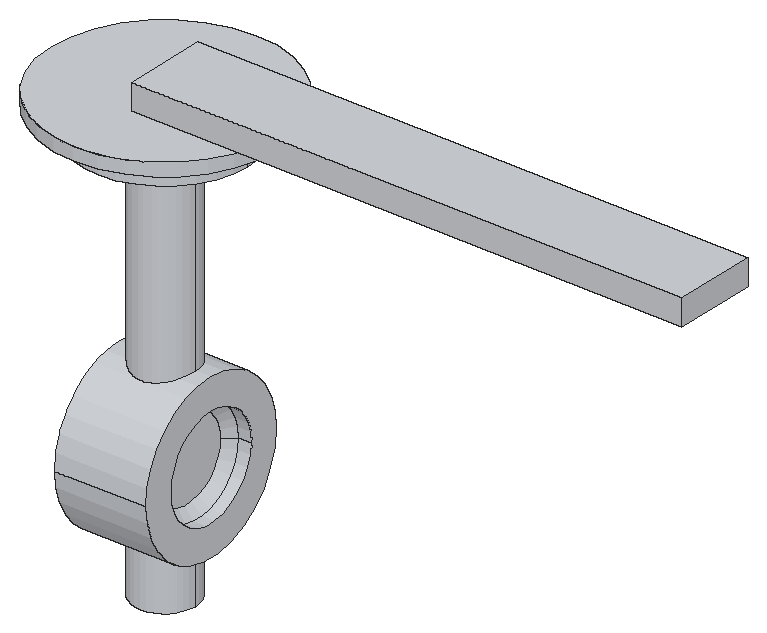
Revit family "M_Válvula borboleta - 50-300 mm", category Acessórios do tubo, Revit 2019
Family settings
  Cota do conector redondo = Usar raio
  Tipo de parte = Válvula - Quebra entre
  Número OmniClass = 23.65.55.14.17
  Título OmniClass = Adjusting/Controlling Valves for Liquid Services
  ID de item do Seek = Butterfly Valve - 50-300 mm-0000-CAN-ENU
  Com base no plano de trabalho = Não
  Sempre na vertical = Sim
  Corte com vazios quando carregada = Não
  Compartilhado = Não
Parameters (values of type "50 mm")
  Largura 3 = Largura 1 / 2  # 22.575 mm
  Largura 2 = 0.38 * Diâmetro da chapeleta  # 11.438 mm
  Largura 1 = 1.5 * Diâmetro da chapeleta  # 45.15 mm
  Material da válvula = none
  Raio do tronco = 0.73 * Raio da manivela  # 40.88 mm
  Diâmetro do tronco = Raio do tronco * 2  # 81.76 mm
  Raio 1 = Raio nominal - 5.06 mm  # 19.94 mm
  Raio da tubulação = 1.6 * Raio nominal  # 40 mm
  Diâmetro da tubulação = Raio da tubulação * 2  # 80 mm
  Altura total = 235 mm
  Raio nominal = 25 mm
  Diâmetro nominal = Raio nominal * 2  # 50 mm
  Largura da alavanca 1 = Largura da alavanca / 2  # 20.325 mm
  Largura da alavanca = 0.15 * Comprimento da alavanca  # 40.65 mm
  Material da alavanca = none
  Comprimento da alavanca = 271 mm
  Comprimento = tan(30.00°) * Largura 1 / 2  # 13.034 mm
  K Coefficient = 3.48
  Raio do furo = 2 mm
  Distância do furo = 111 mm
  Diâmetro do furo = Raio do furo * 2  # 4 mm
  Raio da manivela = 56 mm
  Diâmetro da manivela = Raio da manivela * 2  # 112 mm
  Espessura do equipamento de fixação = 0.1 * Diâmetro nominal  # 5 mm
  Comprimento do equipamento de fixação = 0.25 * Diâmetro nominal  # 12.5 mm
  Altura do equipamento de fixação = 0.66 * Diâmetro nominal  # 33 mm
  Altura do conector = 64 mm
  Raio da chapeleta = 0.35 * Comprimento do corpo  # 15.05 mm
  Diâmetro da chapeleta = Raio da chapeleta * 2  # 30.1 mm
  Comprimento do corpo = 43 mm
Types (10, lengths in mm): name | Largura 3 | Largura 2 | Largura 1 | Raio do tronco | Diâmetro do tronco | Raio 1 | Raio da tubulação | Diâmetro da tubulação | Altura total | Raio nominal | Diâmetro nominal | Largura da alavanca 1 | Largura da alavanca | Comprimento da alavanca | Comprimento | K Coefficient | Raio do furo | Distância do furo | Diâmetro do furo | Raio da manivela | Diâmetro da manivela | Espessura do equipamento de fixação | Comprimento do equipamento de fixação | Altura do equipamento de fixação | Altura do conector | Raio da chapeleta | Diâmetro da chapeleta | Comprimento do corpo
  (no name) | 22.575 | 11.438 | 45.15 | 40.88 | 81.76 | 19.94 | 40 | 80 | 235 | 25 | 50 | 20.325 | 40.65 | 271 | 13.034 | 3.48 | 2 | 111 | 4 | 56 | 112 | 5 | 12.5 | 33 | 64 | 15.05 | 30.1 | 43
  50 mm | 22.575 | 11.438 | 45.15 | 40.88 | 81.76 | 19.94 | 40 | 80 | 235 | 25 | 50 | 20.325 | 40.65 | 271 | 13.034 | 3.48 | 2 | 111 | 4 | 56 | 112 | 5 | 12.5 | 33 | 64 | 15.05 | 30.1 | 43
  65 mm | 24.15 | 12.236 | 48.3 | 40.88 | 81.76 | 27.44 | 52 | 104 | 254 | 32.5 | 65 | 20.325 | 40.65 | 271 | 13.943 | 3.62 | 2 | 130 | 4 | 56 | 112 | 6.5 | 16.25 | 42.9 | 70 | 16.1 | 32.2 | 46
  90 mm | 22.575 | 11.438 | 45.15 | 40.88 | 81.76 | 39.94 | 72 | 144 | 279 | 45 | 90 | 20.4 | 40.8 | 272 | 13.034 | 4.62 | 2 | 152 | 4 | 56 | 112 | 9 | 22.5 | 59.4 | 83 | 15.05 | 30.1 | 43
  100 mm | 27.3 | 13.832 | 54.6 | 40.88 | 81.76 | 44.94 | 80 | 160 | 321 | 50 | 100 | 20.4 | 40.8 | 272 | 15.762 | 4.31 | 2 | 168 | 4 | 56 | 112 | 10 | 25 | 66 | 105 | 18.2 | 36.4 | 52
  125 mm | 29.925 | 15.162 | 59.85 | 40.88 | 81.76 | 57.44 | 100 | 200 | 340 | 62.5 | 125 | 23.325 | 46.65 | 311 | 17.277 | 3.62 | 5 | 203 | 10 | 56 | 112 | 12.5 | 31.25 | 82.5 | 111 | 19.95 | 39.9 | 57
  150 mm | 29.925 | 15.162 | 59.85 | 40.88 | 81.76 | 69.94 | 120 | 240 | 378 | 75 | 150 | 23.325 | 46.65 | 311 | 17.277 | 3.15 | 5 | 229 | 10 | 56 | 112 | 15 | 37.5 | 99 | 137 | 19.95 | 39.9 | 57
  200 mm | 29.925 | 15.162 | 59.85 | 55.48 | 110.96 | 94.94 | 160 | 320 | 435 | 100 | 200 | 26.55 | 53.1 | 354 | 17.277 | 2.52 | 5 | 283 | 10 | 76 | 152 | 20 | 50 | 132 | 167 | 19.95 | 39.9 | 57
  250 mm | 35.175 | 17.822 | 70.35 | 55.48 | 110.96 | 119.94 | 200 | 400 | 506 | 125 | 250 | 26.55 | 53.1 | 354 | 20.308 | 2.12 | 6 | 337 | 12 | 76 | 152 | 25 | 62.5 | 165 | 210 | 23.45 | 46.9 | 67
  300 mm | 40.95 | 20.748 | 81.9 | 55.48 | 110.96 | 144.94 | 240 | 480 | 575 | 150 | 300 | 29.025 | 58.05 | 387 | 23.642 | 1.85 | 6 | 397 | 12 | 76 | 152 | 30 | 75 | 198 | 235 | 27.3 | 54.6 | 78
Reference planes
  plane 1 "Centro (Frente/Trás)": y = 0
  plane 2: z = 0
  plane 3 "Centro (Esquerda/Direita)": x = 0
  plane 4: x = -22.575
  plane 5: x = 22.575
  plane 6: x = -11.137
  plane 7: x = 11.137
  plane 8: x = -15.899
  plane 9: x = 15.9
  plane 10: z = -64
  plane 11: z = 171
  plane 12: z = 158.3
  plane 13: z = 151.95
  plane 14: z = 139.25
  plane 15: y = 20.325
  plane 16: y = -20.325
  plane 17: x = 271
  plane 18: y = 13.034
  plane 19: y = -13.034
Forms (mm)
  Extrusion 1, solid, material <- "Material da válvula", detail levels fine
    sketch origin (0, 0, 0) x (0, 1, 0) y (0, 0, 1)
      loop
        circle (0, 0) r 40
    from -22.575 to 22.575
  Extrusion 2, solid, material <- "Material da válvula", detail levels fine
    sketch origin (0, 0, 0) x (1, 0, 0) y (0, 1, 0)
      loop
        circle (0, 0) r 15.05
    from -64 to 139.25
  Extrusion 3, solid, material <- "Material da válvula", detail levels fine
    sketch origin (0, 0, 0) x (1, 0, 0) y (0, 1, 0)
      loop
        circle (0, 0) r 40.88
    from 151.95 to 139.25
  Extrusion 4, solid, material <- "Material da válvula", detail levels fine
    sketch origin (0, 0, 0) x (1, 0, 0) y (0, 1, 0)
      loop
        circle (0, 0) r 56
    from 158.3 to 151.95
  Extrusion 5, solid, material <- "Material da alavanca", detail levels fine
    sketch origin (0, 0, 0) x (1, 0, 0) y (0, 1, 0)
      loop
        line (0, 20.325) -> (0, -20.325) -> (271, -20.325) -> (271, 20.325) -> (0, 20.325)
    from 158.3 to 171
  Blend 6, void
    base sketch origin (0, 0, 0) x (0, 1, 0) y (0, 0, 1)
      loop
        circle (0, 0) r 19.94
    top sketch origin (0, 0, 0) x (0, 1, 0) y (0, 0, 1)
      loop
        circle (0, 0) r 25
    from 11.137 to 15.9
  Extrusion 7, void
    sketch origin (0, 0, 0) x (0, 1, 0) y (0, 0, 1)
      loop
        circle (0, 0) r 25
    from 15.9 to 22.575
  Blend 8, void
    base sketch origin (0, 0, 0) x (0, 1, 0) y (0, 0, 1)
      loop
        circle (0, 0) r 19.94
    top sketch origin (0, 0, 0) x (0, 1, 0) y (0, 0, 1)
      loop
        circle (0, 0) r 25
    from -11.137 to -15.9
  Extrusion 9, void
    sketch origin (0, 0, 0) x (0, 1, 0) y (0, 0, 1)
      loop
        circle (0, 0) r 25
    from -15.9 to -22.575
Cuts and joins
  Blend 6, Extrusion 7, Blend 8, Extrusion 9 cuts Extrusion 1
  Blend 6, Extrusion 7, Blend 8, Extrusion 9 cuts Extrusion 2
  Blend 6, Extrusion 7, Blend 8, Extrusion 9 cuts Extrusion 3
  Blend 6, Extrusion 7, Blend 8, Extrusion 9 cuts Extrusion 4
  joined: Extrusion 1, Extrusion 2, Extrusion 3, Extrusion 4
  Blend 6, Extrusion 7, Blend 8, Extrusion 9 cuts Extrusion 5
Lines and regions (mm)
  model lines, detail levels coarse+medium
    curve 1: line (-22.575, -13.034, 0) -> (-22.575, 13.034, 0)
    curve 2: line (-22.575, 13.034, 0) -> (22.575, -13.034, 0)
    curve 3: line (22.575, -13.034, 0) -> (22.575, 13.034, 0)
    curve 4: circle (0, 0, 0) r 15.05 normal (0, 0, 1)
Dimensions and locks
  "Largura 3": plane 4 to plane 3 "Centro (Esquerda/Direita)"
  "Largura 3": plane 3 "Centro (Esquerda/Direita)" to plane 5
  "Largura 2": plane 7 to plane 5
  "Largura 2": plane 4 to plane 6
  locked: plane 7 to plane 9 at 4.763
  locked: plane 8 to plane 6 at 4.763
  "Altura do conector": plane 2 to plane 10
  "Altura total": plane 11 to plane 10
  locked: plane 11 to plane 12 at 12.7
  locked: plane 12 to plane 13 at 6.35
  locked: plane 13 to plane 14 at 12.7
  "Comprimento da alavanca": plane 3 "Centro (Esquerda/Direita)" to plane 17
  "Largura da alavanca 1": plane 16 to plane 1 "Centro (Frente/Trás)"
  "Largura da alavanca 1": plane 15 to plane 1 "Centro (Frente/Trás)"
  "Comprimento": plane 18 to plane 1 "Centro (Frente/Trás)"
  "Comprimento": plane 1 "Centro (Frente/Trás)" to plane 19
  "Raio da tubulação": radius of Extrusion 1 sketch curve
  "Raio da chapeleta": radius of Extrusion 2 sketch curve
  "Raio do tronco": radius of Extrusion 3 sketch curve
  "Raio da manivela": radius of Extrusion 4 sketch curve
  "Raio 1": radius of Blend 6 sketch curve
  "Raio nominal": radius of Blend 6 sketch curve
  "Raio nominal": radius of Extrusion 7 sketch curve
  "Raio 1": radius of Blend 8 sketch curve
  "Raio nominal": radius of Blend 8 sketch curve
  "Raio nominal": radius of Extrusion 9 sketch curve
  "Raio da chapeleta": radius of curve 4
  aligned and locked: plane 1 "Centro (Frente/Trás)" to Extrusion 1 sketch curve
  aligned and locked: plane 2 to Extrusion 1 sketch curve
  aligned and locked: Extrusion 1 to plane 4
  aligned and locked: plane 5 to Extrusion 1
  aligned and locked: plane 3 "Centro (Esquerda/Direita)" to Extrusion 2 sketch curve
  aligned and locked: plane 1 "Centro (Frente/Trás)" to Extrusion 2 sketch curve
  aligned and locked: Extrusion 2 to plane 10
  aligned and locked: plane 14 to Extrusion 2
  aligned and locked: plane 3 "Centro (Esquerda/Direita)" to Extrusion 3 sketch curve
  aligned and locked: plane 1 "Centro (Frente/Trás)" to Extrusion 3 sketch curve
  aligned and locked: plane 3 "Centro (Esquerda/Direita)" to Extrusion 4 sketch curve
  aligned and locked: plane 1 "Centro (Frente/Trás)" to Extrusion 4 sketch curve
  aligned and locked: plane 13 to Extrusion 3
  aligned and locked: plane 12 to Extrusion 4
  aligned and locked: plane 13 to Extrusion 4
  aligned and locked: Extrusion 3 to plane 14
  aligned and locked: plane 3 "Centro (Esquerda/Direita)" to Extrusion 5 sketch curve
  aligned and locked: Extrusion 5 sketch curve to plane 15
  aligned and locked: plane 16 to Extrusion 5 sketch curve
  aligned and locked: Extrusion 5 sketch curve to plane 17
  aligned and locked: Extrusion 5 to plane 12
  aligned and locked: plane 11 to Extrusion 5
  aligned and locked: plane 1 "Centro (Frente/Trás)" to Blend 6 sketch curve  (x2)
  aligned and locked: plane 2 to Blend 6 sketch curve  (x2)
  aligned and locked: plane 9 to Blend 6
  aligned and locked: Blend 6 to plane 7
  aligned and locked: plane 1 "Centro (Frente/Trás)" to Extrusion 7 sketch curve
  aligned and locked: plane 2 to Extrusion 7 sketch curve
  aligned and locked: Extrusion 7 to plane 9
  aligned and locked: plane 5 to Extrusion 7
  aligned and locked: plane 1 "Centro (Frente/Trás)" to Blend 8 sketch curve  (x2)
  aligned and locked: plane 2 to Blend 8 sketch curve  (x2)
  aligned and locked: Blend 8 to plane 8
  aligned and locked: plane 6 to Blend 8
  aligned and locked: plane 1 "Centro (Frente/Trás)" to Extrusion 9 sketch curve
  aligned and locked: plane 2 to Extrusion 9 sketch curve
  aligned and locked: Extrusion 9 to plane 4
  aligned and locked: plane 8 to Extrusion 9
  aligned and locked: plane 3 "Centro (Esquerda/Direita)" to nested 1
  aligned and locked: plane 1 "Centro (Frente/Trás)" to nested 1
  aligned and locked: plane 3 "Centro (Esquerda/Direita)" to curve 4
  aligned and locked: plane 1 "Centro (Frente/Trás)" to curve 4
Automatic sketch dimensions
  curve 1 to plane 4 = 0 mm
  curve 3 to plane 5 = 0 mm
  curve 2 to plane 19 = 0 mm
  curve 1 to plane 19 = 0 mm
  curve 3 to plane 18 = 0 mm
  curve 2 to plane 18 = 0 mm
Nested families
  nested 1: "M_Válvula borboleta - 50-300 mm Componente do detalhe" at (0, 0, 0), type "Válvula borboleta - 50-300 mm Componente de detalhe", detail levels coarse+medium
Connectors
  piping at (-22.575, 0, 0), diameter 50, driven by "Raio nominal"
    settings: on Extrusion 1, index 1, connector inside diameter 50 mm, connector length 0 mm, flow factor 0, pipe flow 0.0 L/s, pressure drop 0.0 Pa, fitting loss kfactor 0, connector angle 0.00°, fixture units 0, engagement length 0 mm, angle of deflection 0.00°, flow configuration 0, flow direction 0, fitting loss method 2, system type 29, joint type 0, gender type 0, connector reference index 2, connector utility 0, adjustable connector no, is connector primary yes, connector description ""
  piping at (22.575, 0, 0), diameter 50, driven by "K Coefficient", driven by "Raio nominal"
    settings: on Extrusion 1, index 2, connector inside diameter 50 mm, connector length 0 mm, flow factor 0, pipe flow 0.0 L/s, pressure drop 0.0 Pa, fitting loss kfactor 3.48, connector angle 0.00°, fixture units 0, engagement length 0 mm, angle of deflection 0.00°, flow configuration 0, flow direction 0, fitting loss method 2, system type 29, joint type 0, gender type 0, connector reference index 1, connector utility 0, adjustable connector no, is connector primary no, connector description ""
Definition of nested family "M_Válvula borboleta - 50-300 mm Componente do detalhe"
  Parameters
    Raio = 15 mm
    Assembly Code = ""
  Reference planes
    plane 1 "Centro (Frente/Trás)": y = 0
    plane 2: z = 0
    plane 3 "Centro (Esquerda/Direita)": x = 0
  Lines and regions (mm)
    Filled region 1, type "Bloco de concreto", in view "Nível de referência"
      outline origin (0, 0, 0) x (1, 0, 0) y (0, 1, 0)
        loop
          circle (0, 0) r 15
  Dimensions and locks
    "Raio": radius of Filled region 1 sketch curve
    aligned and locked: plane 3 "Centro (Esquerda/Direita)" to Filled region 1 sketch curve
    aligned and locked: plane 1 "Centro (Frente/Trás)" to Filled region 1 sketch curve
